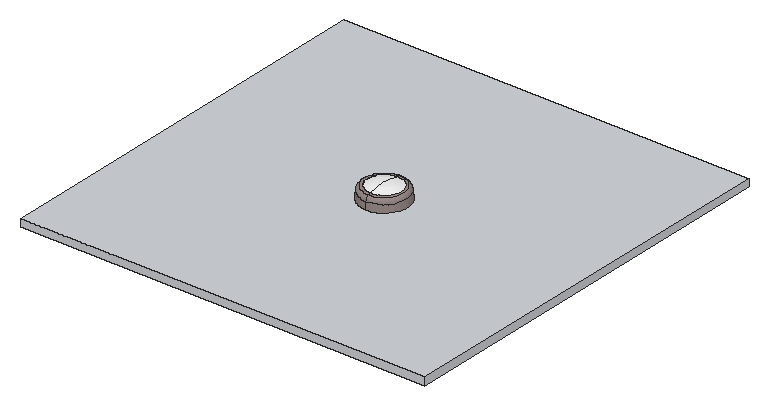
Revit family "EVS", category Lighting Fixtures, host Face, Revit 2014
Parameters (values of type "EVS")
  Watts = 30 W
  Wattage Comments = "30W"
  Wattage = 30 W
  Warranty = "5 year Warranty"  # constant formula
  built-in parameter 1150110 = 1 (stored number, unit not read)
  Voltage = 120 V
  URL = "https://www.hubbell.com/hubbelllightingci/en"
  built-in parameter 1114217 = 1 (stored number, unit not read)
  Tilt Angle = -90°
  built-in parameter 1150109 = 1 (stored number, unit not read)
  built-in parameter 1150134 = 3
  built-in parameter 1150113 = 1 (stored number, unit not read)
  Product Page URL = "https://www.hubbell.com/hubbelllightingci/en/Products/Lighting-Controls/Emergency-Exit-Lighting/Emergency-Lighting-Units/EVS-Series/p/4585480"
  Product Documentation URL = "https://hubbellcdn.com/specsheet/DL_EVS_SPEC.pdf"
  Power Factor = 1
  Photometric Web File = "EVS_20.00971 AC.ies"
  Model = "EVS Series"  # constant formula
  Manufacturer = "Dual Light"  # constant formula
  built-in parameter 1150105 = 238.73 (stored number, unit not read)
  Lumens = 3000 lm
  built-in parameter 1150115 = 1 (stored number, unit not read)
  Load Classification = Lighting
  built-in parameter 1150137 = (empty or 0)
  built-in parameter 1150139 = (empty or 0)
  built-in parameter 1150112 = 1 (stored number, unit not read)
  built-in parameter 1150114 = 1 (stored number, unit not read)
  Lamp = "LED"  # constant formula
  built-in parameter 1150132 = (empty or 0)
  built-in parameter 1150102 = (empty or 0)
  built-in parameter 1150107 = 3200 (stored number, unit not read)
  built-in parameter 1150138 = (empty or 0)
  built-in parameter 1150106 = 2.3873 (stored number, unit not read)
  Housing Material = Paint - Hubbell - Brushed Nickel
  Glass = Hubbell - Glass
  Fixture distribution = "Direct"  # constant formula
  Features = "Offered in AC only, AC and Emergency, with Heater Option\r\n• Includes Self-Test , Self-Diagnostics\r\n• 1200 Lumens in AC normally-On, and 350 Lumens in\r\nEmergency\r\n• 4000K color temperature\r\n• LED life-cycle of 50,000 hours\r\n• Dual-voltage 120 or 277 VAC input, 50/60Hz.\r\n• Emergency models designed for 90 minute runtime\r\n• AC and Heater Option Models:-30°C to 40°C(-22°F to 104°F)\r\n• Emergency Models: 0°C to 40°C(32°F to 104°F)"  # constant formula
  Emit from Circle Diameter = 8.500"
  Emit Shape Visible in Rendering = no
  built-in parameter 1150104 = 9.2903 (stored number, unit not read)
  Dimming Lamp Color Temperature Shift = <None>
  Description = "The EVS is specifically designed for general illumination in residential and commercial applications for indoor/outdoor protected environments"  # constant formula
  Default Elevation = 48.000"
  Copyright = " ©2020 Dual Light, a division of Hubbell Lighting, Inc"  # constant formula
  Contact = "https://www.hubbell.com/hubbelllightingci/en/contactUs?productId=4585480"
  Connector Description = "Lighting Connector"  # constant formula
  Color Filter = 16777215
  built-in parameter 1114218 = 1 (stored number, unit not read)
  built-in parameter 1150133 = 10 (stored number, unit not read)
  Assembly Code = "D5020200"
  Apparent Load = Watts / Power Factor  # 30 VA
Reference planes (in)
  plane 1 "Center (Front/Back)": y = 0
  plane 2: z = 0.5561
  plane 3 "Center (Left/Right)": x = 0
  plane 4: x = -12
  plane 5: x = 12
  plane 6: x = -8
  plane 7: x = 8
  plane 8: x = -2.9
  plane 9: x = 2.9
  plane 10: y = 5.5
  plane 11: y = -5.5
  plane 12: z = 4.0561
Forms (in)
  Extrusion 1, solid
    sketch origin (0, 0, 0) x (1, 0, 0) y (0, 1, 0)
      loop
        line (-48, 48) -> (-48, -48) -> (48, -48) -> (48, 48) -> (-48, 48)
    from 0.5561 to -1.25
  Revolve 2, solid, material "Paint - Hubbell - Brushed Nickel" <- "Housing Material"
    sketch origin (0, 0, 0) x (0, 1, 0) y (0, 0, 1)
      loop
        line (0, 0.5561) -> (0, 3.43574) -> (-3.99329, 3.43574)
        arc (-3.99329, 3.43574) -> (-4.31929, 3.42151) -> (-4.63051, 3.32338) r 1.25
        arc (-4.63051, 3.32338) -> (-5.12617, 2.90747) -> (-5.34748, 2.29944) r 1.25
        line (-5.34748, 2.29944) -> (-5.5, 0.5561) -> (0, 0.5561)
      axis (0, 3.43574) -> (0, 0.5561)
    angle from 0 to 360
  Revolve 3, solid, material "Hubbell - Glass" <- "Glass"
    sketch origin (0, 0, 0) x (0, 1, 0) y (0, 0, 1)
      loop
        line (0, 3.43574) -> (0, 4.0561)
        arc (0, 4.0561) -> (-2.02498, 3.92831) -> (-3.99329, 3.43574) r 11.15255
        line (-3.99329, 3.43574) -> (0, 3.43574)
      axis (0, 4.0561) -> (0, 3.43574)
    angle from 0 to 360
Dimensions and locks (in)
  equal spacing: plane 5, plane 3 "Center (Left/Right)", plane 4
  plane 5 to plane 4 = 24.000"
  locked: plane 6 to plane 4 at 4
  locked: plane 5 to plane 7 at 4
  aligned and locked: plane 2 to Extrusion 1
Automatic sketch dimensions
  Extrusion 1 sketch curve to Extrusion 1 sketch curve = 96.000"  (x2)
  Revolve 2 sketch curve to Revolve 2 sketch curve = 0.000"  (x2)
  Revolve 2 sketch curve to plane 11 = 0.000"
  Revolve 2 sketch curve to plane 1 "Center (Front/Back)" = 0.000"  (x2)
  Revolve 2 sketch curve to plane 2 = 0.000"
  Revolve 2 sketch curve to plane 11 = 0.15252"
  Revolve 2 sketch curve to Revolve 2 sketch curve = 1.24524"  (x2)
  Revolve 2 sketch curve to plane 12 = 0.62036"
  Revolve 2 sketch curve to Revolve 2 sketch curve = 0.10894"
  Revolve 2 sketch curve to Revolve 2 sketch curve = 0.63722"
  Revolve 2 sketch curve to level = 14.9439"
  plane 12 to Revolve 2 sketch curve = 25.000"
  Revolve 3 sketch curve to plane 1 "Center (Front/Back)" = 0.000"  (x2)
  Revolve 3 sketch curve to plane 12 = 0.000"
  plane 1 "Center (Front/Back)" to Revolve 3 sketch curve = 0.31296"
  Revolve 3 sketch curve to plane 12 = 0.62036"
  plane 1 "Center (Front/Back)" to Revolve 3 sketch curve = 3.99329"
  Revolve 3 sketch curve to Revolve 3 sketch curve = 16.90794"
  plane 12 to Revolve 3 sketch curve = 35.48837"
Connectors (in)
  electrical at (0, 0, 0.5561), driven by "Load Classification", driven by "Voltage", driven by "Apparent Load", driven by "Power Factor", driven by "Connector Description"
    settings: on Revolve 2, index 1, voltage 120 V, apparent load 30 VA, apparent load phase1 0 VA, apparent load phase2 0 VA, apparent load phase3 0 VA, power factor 1, load classification "Lighting", number of poles 1, system type 30, power factor state 1, is connector primary yes, connector utility no, sub classification motor no, connector description "Lighting Connector"
